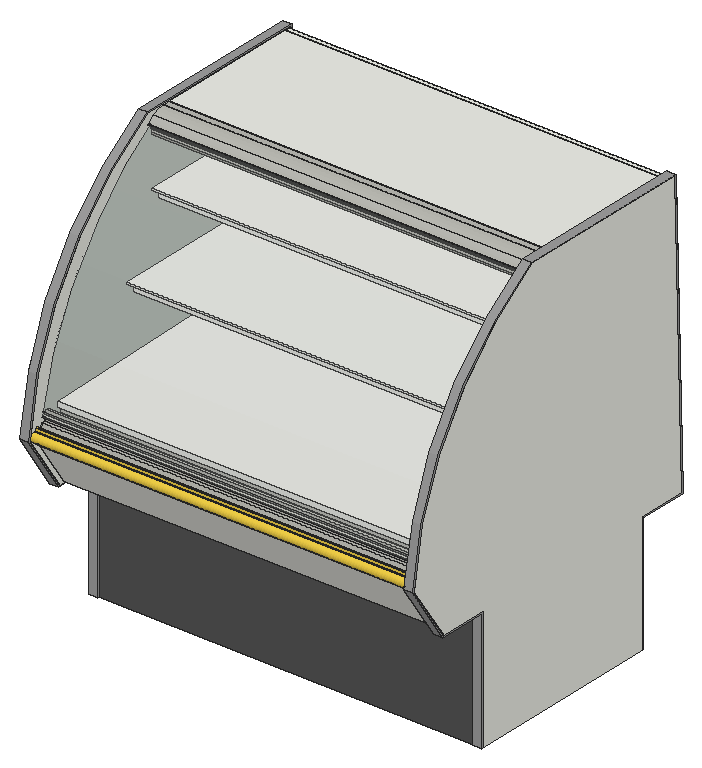
Revit family "Q3-BC", category Specialty Equipment, Revit 2014 (continued)
Automatic sketch dimensions
  plane 5 "Front" to Extrusion 9 sketch curve = 10.98875"
  plane 1 "Back" to Extrusion 9 sketch curve = 23.41317"
  plane 1 "Back" to Extrusion 9 sketch curve = 5 3/4"
  plane 1 "Back" to Extrusion 9 sketch curve = 0.59206"
  Extrusion 9 sketch curve to plane 1 "Back" = 0.549"
  Extrusion 10 sketch curve to level = 0"
  Extrusion 10 sketch curve to plane 11 = 10.04793"
  Extrusion 10 sketch curve to plane 11 = 9.73157"
  Extrusion 10 sketch curve to Extrusion 10 sketch curve = 4.09223"
  Extrusion 10 sketch curve to plane 5 "Front" = 0.07963"
  Extrusion 10 sketch curve to plane 11 = 2.63769"
  Extrusion 10 sketch curve to plane 3 "Top" = 0.08041"
  Extrusion 10 sketch curve to plane 3 "Top" = 0.08044"
  plane 5 "Front" to Extrusion 10 sketch curve = 4.67344"
  plane 5 "Front" to Extrusion 10 sketch curve = 10.98875"
  plane 1 "Back" to Extrusion 10 sketch curve = 23.41317"
  plane 1 "Back" to Extrusion 10 sketch curve = 5 3/4"
  plane 1 "Back" to Extrusion 10 sketch curve = 0.59206"
  Extrusion 10 sketch curve to plane 1 "Back" = 0.549"
  Extrusion 12 sketch curve to plane 11 = 0"
  Extrusion 12 sketch curve to plane 11 = 0.46864"
  plane 11 to Extrusion 12 sketch curve = 0.15652"
  Extrusion 12 sketch curve to Extrusion 12 sketch curve = 0.28947"
  plane 11 to Extrusion 12 sketch curve = 0.85702"
  Extrusion 12 sketch curve to Extrusion 12 sketch curve = 0.54536"
  Extrusion 12 sketch curve to Extrusion 12 sketch curve = 1.64071"
  plane 1 "Back" to Extrusion 12 sketch curve = 3.38429"
  Extrusion 12 sketch curve to Extrusion 12 sketch curve = 1.82332"
  Extrusion 12 sketch curve to Extrusion 12 sketch curve = 2.49168"
  plane 5 "Front" to Extrusion 12 sketch curve = 4.25561"
  Extrusion 15 sketch curve to Extrusion 15 sketch curve = 0"  (x2)
  Extrusion 15 sketch curve to level = 0"  (x2)
  Extrusion 15 sketch curve to plane 11 = 10.17293"
  Extrusion 15 sketch curve to plane 1 "Back" = 0.549"
  Extrusion 15 sketch curve to Extrusion 15 sketch curve = 1/8"  (x6)
  plane 5 "Front" to Extrusion 15 sketch curve = 4.60673"
  Extrusion 15 sketch curve to plane 11 = 9.85657"
  Extrusion 15 sketch curve to Extrusion 15 sketch curve = 4.09223"
  Extrusion 15 sketch curve to plane 5 "Front" = 0.208"
  Extrusion 15 sketch curve to plane 11 = 2.67065"
  Extrusion 15 sketch curve to plane 5 "Front" = 0.07963"
  Extrusion 15 sketch curve to Extrusion 15 sketch curve = 0.03296"
  Extrusion 15 sketch curve to plane 3 "Top" = 0.08041"
  Extrusion 15 sketch curve to plane 3 "Top" = 0.08044"
  Extrusion 15 sketch curve to Extrusion 15 sketch curve = 0.12893"
  plane 1 "Back" to Extrusion 15 sketch curve = 0.47087"
  Extrusion 15 sketch curve to Extrusion 15 sketch curve = 0.12119"
  plane 1 "Back" to Extrusion 15 sketch curve = 4.83282"
  plane 1 "Back" to Extrusion 15 sketch curve = 5 5/8"
  Extrusion 15 sketch curve to Extrusion 15 sketch curve = 6.38202"
  Extrusion 15 sketch curve to Extrusion 15 sketch curve = 0.06671"
  Extrusion 16 sketch curve to Extrusion 16 sketch curve = 0"  (x2)
  Extrusion 16 sketch curve to level = 0"  (x2)
  Extrusion 16 sketch curve to plane 11 = 10.17293"
  Extrusion 16 sketch curve to plane 1 "Back" = 0.549"
  Extrusion 16 sketch curve to Extrusion 16 sketch curve = 1/8"  (x6)
  plane 5 "Front" to Extrusion 16 sketch curve = 4.60673"
  Extrusion 16 sketch curve to plane 11 = 9.85657"
  Extrusion 16 sketch curve to Extrusion 16 sketch curve = 4.09223"
  Extrusion 16 sketch curve to plane 5 "Front" = 0.208"
  Extrusion 16 sketch curve to plane 11 = 2.67065"
  Extrusion 16 sketch curve to plane 5 "Front" = 0.07963"
  Extrusion 16 sketch curve to Extrusion 16 sketch curve = 0.03296"
  Extrusion 16 sketch curve to plane 3 "Top" = 0.08041"
  Extrusion 16 sketch curve to plane 3 "Top" = 0.08044"
  Extrusion 16 sketch curve to Extrusion 16 sketch curve = 0.12893"
  plane 1 "Back" to Extrusion 16 sketch curve = 0.47087"
  Extrusion 16 sketch curve to Extrusion 16 sketch curve = 0.12119"
  plane 1 "Back" to Extrusion 16 sketch curve = 4.83282"
  plane 1 "Back" to Extrusion 16 sketch curve = 5 5/8"
  Extrusion 16 sketch curve to Extrusion 16 sketch curve = 6.38202"
  Extrusion 16 sketch curve to Extrusion 16 sketch curve = 0.06671"
  Extrusion 17 sketch curve to plane 11 = 0"
  Extrusion 17 sketch curve to plane 10 = 0"
  Extrusion 17 sketch curve to plane 11 = 0.49937"
  Extrusion 17 sketch curve to Extrusion 17 sketch curve = 0.20679"
  Extrusion 17 sketch curve to Extrusion 17 sketch curve = 0.22549"
  Extrusion 17 sketch curve to Extrusion 17 sketch curve = 0.56567"
  Extrusion 17 sketch curve to plane 11 = 1.77183"
  Extrusion 17 sketch curve to Extrusion 17 sketch curve = 3.40576"
  Extrusion 17 sketch curve to Extrusion 17 sketch curve = 0.23514"
  Extrusion 17 sketch curve to Extrusion 17 sketch curve = 1.28472"
  Extrusion 17 sketch curve to Extrusion 17 sketch curve = 3.19268"
  Extrusion 17 sketch curve to plane 11 = 5.42262"
  plane 1 "Back" to Extrusion 17 sketch curve = 0.93761"
  Extrusion 17 sketch curve to Extrusion 17 sketch curve = 3.09096"
  Extrusion 17 sketch curve to Extrusion 17 sketch curve = 0.4684"
  plane 3 "Top" to Extrusion 17 sketch curve = 0.52447"
  plane 1 "Back" to Extrusion 17 sketch curve = 2.26937"
  plane 1 "Back" to Extrusion 17 sketch curve = 3.11159"
  Extrusion 17 sketch curve to Extrusion 17 sketch curve = 2.93824"
  Extrusion 17 sketch curve to Extrusion 17 sketch curve = 0.04"
  Extrusion 17 sketch curve to Extrusion 17 sketch curve = 1/8"  (x2)
  Extrusion 17 sketch curve to Extrusion 17 sketch curve = 16.87374"
  Extrusion 17 sketch curve to Extrusion 17 sketch curve = 0.5516"
  Extrusion 17 sketch curve to Extrusion 17 sketch curve = 1.15523"
  Extrusion 17 sketch curve to Extrusion 17 sketch curve = 14.9952"
  plane 5 "Front" to Extrusion 17 sketch curve = 4.19129"
  Extrusion 17 sketch curve to Extrusion 17 sketch curve = 0.38028"
  Extrusion 17 sketch curve to Extrusion 17 sketch curve = 0.051"
  Extrusion 17 sketch curve to Extrusion 17 sketch curve = 0.1"
  Extrusion 17 sketch curve to Extrusion 17 sketch curve = 0.49695"
  Extrusion 17 sketch curve to Extrusion 17 sketch curve = 0.18199"
  Extrusion 17 sketch curve to Extrusion 17 sketch curve = 0.11819"
  Extrusion 17 sketch curve to Extrusion 17 sketch curve = 0.00005"
  Extrusion 18 sketch curve to plane 11 = 0"
  Extrusion 18 sketch curve to plane 10 = 0"
  Extrusion 18 sketch curve to plane 11 = 0.49937"
  Extrusion 18 sketch curve to Extrusion 18 sketch curve = 0.20679"
  Extrusion 18 sketch curve to Extrusion 18 sketch curve = 0.22549"
  Extrusion 18 sketch curve to Extrusion 18 sketch curve = 0.56567"
  Extrusion 18 sketch curve to plane 11 = 1.77183"
  Extrusion 18 sketch curve to Extrusion 18 sketch curve = 3.40576"
  Extrusion 18 sketch curve to Extrusion 18 sketch curve = 0.23514"
  Extrusion 18 sketch curve to Extrusion 18 sketch curve = 1.28472"
  Extrusion 18 sketch curve to Extrusion 18 sketch curve = 3.19268"
  Extrusion 18 sketch curve to plane 11 = 5.42262"
  plane 1 "Back" to Extrusion 18 sketch curve = 0.93761"
  Extrusion 18 sketch curve to Extrusion 18 sketch curve = 3.09096"
  Extrusion 18 sketch curve to Extrusion 18 sketch curve = 0.4684"
  plane 3 "Top" to Extrusion 18 sketch curve = 0.52447"
  plane 1 "Back" to Extrusion 18 sketch curve = 2.26937"
  plane 1 "Back" to Extrusion 18 sketch curve = 3.11159"
  Extrusion 18 sketch curve to Extrusion 18 sketch curve = 2.93824"
  Extrusion 18 sketch curve to Extrusion 18 sketch curve = 0.04"
  Extrusion 18 sketch curve to Extrusion 18 sketch curve = 1/8"  (x2)
  Extrusion 18 sketch curve to Extrusion 18 sketch curve = 16.87374"
  Extrusion 18 sketch curve to Extrusion 18 sketch curve = 0.5516"
  Extrusion 18 sketch curve to Extrusion 18 sketch curve = 1.15523"
  Extrusion 18 sketch curve to Extrusion 18 sketch curve = 14.9952"
  plane 5 "Front" to Extrusion 18 sketch curve = 4.19129"
  Extrusion 18 sketch curve to Extrusion 18 sketch curve = 0.38028"
  Extrusion 18 sketch curve to Extrusion 18 sketch curve = 0.051"
  Extrusion 18 sketch curve to Extrusion 18 sketch curve = 0.1"
  Extrusion 18 sketch curve to Extrusion 18 sketch curve = 0.49695"
  Extrusion 18 sketch curve to Extrusion 18 sketch curve = 0.18199"
  Extrusion 18 sketch curve to Extrusion 18 sketch curve = 0.11819"
  Extrusion 18 sketch curve to Extrusion 18 sketch curve = 0.00005"
  Blend 47 sketch curve to Blend 47 sketch curve = 0.48582"  (x2)
  Blend 47 sketch curve to Blend 47 sketch curve = 1/32"  (x2)
  Extrusion 1 sketch curve to Extrusion 1 sketch curve = 0"  (x2)
  plane 6 "Center (Left/Right)" to Extrusion 1 sketch curve = 5"
  plane 5 "Front" to Extrusion 1 sketch curve = 17 1/8"
  Extrusion 2 sketch curve to Extrusion 2 sketch curve = 0"  (x2)
  Extrusion 2 sketch curve to plane 8 "Right" = 6 9/16"
  plane 5 "Front" to Extrusion 2 sketch curve = 14"
  radius of Extrusion 3 sketch curve = 3/16"
Nested families (in)
  nested 1: "Floor Support - Pegs" at (-76.05699, -18.4375, 0), type "Floor Support - Pegs"
  nested 2: "Floor Support - Pegs" at (-30.55699, -18.4375, 0), type "Floor Support - Pegs"
  nested 3: "Service Doors - 92deg - 72" at (-77.30699, -25.29918, 0), visible <- "12 Case", type "Service Doors - 92deg - 72", not visible
  nested 4: "Service Doors - 92deg - 72" at (-5.30699, -25.29918, 0), visible <- "12 Case", type "Service Doors - 92deg - 72", not visible
  nested 5: "Service Doors - 92deg - 60" at (-77.30699, 94.70082, 0), visible <- "10 Case", type "Service Doors - 92deg - 60", not visible
  nested 6: "Service Doors - 92deg - 60" at (-17.30699, 94.70082, 0), visible <- "10 Case", type "Service Doors - 92deg - 60", not visible
  nested 7: "Service Doors - 92deg - 48" at (-77.30699, 70.70082, 0), visible <- "8 Case", type "Service Doors - 92deg - 48", not visible
  nested 8: "Service Doors - 92deg - 48" at (-29.30699, 70.70082, 0), visible <- "8 Case", type "Service Doors - 92deg - 48", not visible
  nested 9: "Service Doors - 92deg - 72" at (-77.30699, 46.70082, 0), visible <- "6 Case", type "Service Doors - 92deg - 72", not visible
  nested 10: "Service Doors - 92deg - 60" at (-77.30699, 34.70082, 0), visible <- "5 Case", type "Service Doors - 92deg - 60", not visible
  nested 11: "Service Doors - 92deg - 48" at (-77.30699, 22.70082, 0), visible <- "4 Case", type "Service Doors - 92deg - 48", not visible
  nested 12: "Light" at (-53.30699, -24.14199, -36.68696), type "Light"
  nested 13: "Light" at (-53.30699, -12.57101, -20.05117), visible <- "Bottom Shelf", type "Light"
  nested 14: "Light" at (-53.30699, -8.26781, -11.05117), visible <- "Top Shelf", type "Light"
  nested 15: "Light" at (-53.30699, -3.96313, -2.20207), type "Light"
  nested 16: "Service Doors - 92deg - 48" at (-77.30699, -25.07843, 0.09367), visible <- "4 Case", type "Service Doors - 92deg - 48"
  nested 17: "Service Doors - 92deg - 60" at (-77.30699, -25.07843, 0.09367), visible <- "5 Case", type "Service Doors - 92deg - 60"
  nested 18: "Service Doors - 92deg - 72" at (-77.30699, -25.07843, 0.09367), visible <- "6 Case", type "Service Doors - 92deg - 72"
  nested 19: "Service Doors - 92deg - 48" at (-77.30699, -25.07843, 0.09367), visible <- "8 Case", type "Service Doors - 92deg - 48"
  nested 20: "Service Doors - 92deg - 48" at (-29.30699, -25.07843, 0.09367), visible <- "8 Case", type "Service Doors - 92deg - 48"
  nested 21: "Service Doors - 92deg - 60" at (-77.30699, -25.07843, 0.09367), visible <- "10 Case", type "Service Doors - 92deg - 60"
  nested 22: "Service Doors - 92deg - 60" at (-17.30699, -25.07843, 0.09367), visible <- "10 Case", type "Service Doors - 92deg - 60"
  nested 23: "Service Doors - 92deg - 72" at (-77.30699, -25.07843, 0.09367), visible <- "12 Case", type "Service Doors - 92deg - 72"
  nested 24: "Service Doors - 92deg - 72" at (-5.30699, -25.07843, 0.09367), visible <- "12 Case", type "Service Doors - 92deg - 72"
Connectors (in)
  piping at (-48.30699, -25.125, 0), diameter 1.5, driven by "Waste Drain"
    settings: on Extrusion 1, index 8, connector inside diameter 1 1/4", connector length 0", flow factor 0, pipe flow 0 GPM, pressure drop 0.00 psi, fitting loss kfactor 0, connector angle 0.00°, fixture units 0, engagement length 0", angle of deflection 0.00°, flow configuration 0, flow direction 0, fitting loss method 0, system type 16, joint type 0, gender type 0, connector reference index -1, connector utility 0, adjustable connector no, is connector primary yes, connector description "1 1/4\""
  piping at (-35.86949, -28.25, 0), diameter 0.625, driven by "Refrig. Suction", driven by "Refrigeration Lines Suction"
    settings: on Extrusion 2, index 9, connector inside diameter 7/8", connector length 0", flow factor 0, pipe flow 0 GPM, pressure drop 0.00 psi, fitting loss kfactor 0, connector angle 0.00°, fixture units 0, engagement length 0", angle of deflection 0.00°, flow configuration 0, flow direction 2, fitting loss method 0, system type 22, joint type 0, gender type 0, connector reference index -1, connector utility 0, adjustable connector no, is connector primary no, connector description "Suction"
  piping at (-35.24449, -28.25, 0), diameter 0.375, driven by "Refrig. Liquid", driven by "Refrigeration Lines Liquid"
    settings: on Extrusion 3, index 10, connector inside diameter 3/8", connector length 0", flow factor 0, pipe flow 0 GPM, pressure drop 0.00 psi, fitting loss kfactor 0, connector angle 0.00°, fixture units 0, engagement length 0", angle of deflection 0.00°, flow configuration 0, flow direction 1, fitting loss method 0, system type 22, joint type 0, gender type 0, connector reference index -1, connector utility 0, adjustable connector no, is connector primary no, connector description "Liquid"
Definition of nested family "Floor Support - Pegs"
  Parameters (values of type "Floor Support - Pegs")
    Height = 15 11/16"
    Depth = 21 7/8"
  Reference planes (in)
    plane 1 "Center (Front/Back)": y = -0.0625
    plane 2: z = 0
    plane 3 "Center (Left/Right)": x = 0
    plane 4: z = 15.6875
    plane 5: y = 10.9375
    plane 6: y = -10.9375
  Forms (in)
    Revolve 1, solid
      sketch origin (0, 0, 0) x (0, 1, 0) y (0, 0, 1)
        loop
          line (10.9375, 0) -> (11.5, 0) -> (11.5, 0.8125)
          arc (11.5, 0.8125) -> (11.67678, 0.88572) -> (11.75, 1.0625) r 0.25
          line (11.75, 1.0625) -> (11.75, 14.32348) -> (12.1875, 14.32348) -> (12.1875, 15.6875) -> (10.9375, 15.6875) -> (10.9375, 0)
        axis (10.9375, 0) -> (10.9375, 15.6875)
      angle from 0 to 360
    Revolve 2, solid
      sketch origin (0, 0, 0) x (0, 1, 0) y (0, 0, 1)
        loop
          line (-10.9375, 0) -> (-10.375, 0) -> (-10.375, 0.8125)
          arc (-10.375, 0.8125) -> (-10.19822, 0.88572) -> (-10.125, 1.0625) r 0.25
          line (-10.125, 1.0625) -> (-10.125, 14.32348) -> (-9.6875, 14.32348) -> (-9.6875, 15.6875) -> (-10.9375, 15.6875) -> (-10.9375, 0)
        axis (-10.9375, 0) -> (-10.9375, 15.6875)
      angle from 0 to 360
  Dimensions and locks (in)
    "Height": plane 4 to level
    locked: Revolve 2 sketch curve to Revolve 2 sketch curve at 0.25
    locked: Revolve 2 sketch curve to Revolve 2 sketch curve at 0.5625
    locked: Revolve 1 sketch curve to Revolve 1 sketch curve at 1.36402
    locked: Revolve 2 sketch curve to Revolve 2 sketch curve at 1.36402
    "Depth": plane 6 to plane 5
    aligned and locked: plane 2 to level
    aligned and locked: Revolve 1 sketch curve to Revolve 1 sketch curve
    aligned and locked: Revolve 2 sketch curve to Revolve 2 sketch curve
    aligned and locked: plane 6 to Revolve 2 sketch curve
  Automatic sketch dimensions
    Revolve 1 sketch curve to level = 0"  (x2)
    Revolve 1 sketch curve to plane 5 = 0"
    Revolve 1 sketch curve to plane 4 = 0"  (x2)
    Revolve 1 sketch curve to Revolve 1 sketch curve = 9/16"
    Revolve 1 sketch curve to Revolve 1 sketch curve = 1/4"
    Revolve 1 sketch curve to Revolve 1 sketch curve = 13/16"
    Revolve 1 sketch curve to Revolve 1 sketch curve = 7/16"
    Revolve 2 sketch curve to plane 4 = 0"  (x2)
    Revolve 2 sketch curve to level = 0"  (x2)
    Revolve 2 sketch curve to Revolve 2 sketch curve = 13/16"
    Revolve 2 sketch curve to Revolve 2 sketch curve = 7/16"
Definition of nested family "Service Doors - 92deg - 72"
  Parameters (values of type "Service Doors - 92deg - 72")
    Glazing = none
    Door Frame = none
  Reference planes (in)
    plane 1 "Center (Front/Back)": y = 25.29918
    plane 2: z = 0
    plane 3 "Center (Left/Right)": x = 0
  Forms (in)
    Sweep 1, solid, material <- "Door Frame"
      path in 3D
        loop
          line (72, 24.42109, 50.79188) -> (0, 24.42109, 50.79188) -> (0, 25.29918, 24.72713) -> (72, 25.29918, 24.72713) -> (72, 24.42109, 50.79188)
      profile origin (36, 24.42109, 50.79188) x (0, -0.999433, -0.03367) y (0, -0.03367, 0.999433)
        loop
          line (0.23363, 0) -> (0, 0) -> (0, -1.5) -> (2.24887, -1.5) -> (2.24887, -0.48582) -> (0.25, -0.48582) -> (0.23363, 0)
    Extrusion 2, solid, material <- "Door Frame"
      sketch origin (1.5, 22.224, 49.21702) x (0, 0.03367, -0.999433) y (0, 0.999433, 0.03367)
        loop
          line (0, 0.25) -> (23.07954, 0.25) -> (23.07954, 1.0625) -> (0, 1.0625) -> (0, 0.25)
      from 0 to 35
    Extrusion 3, solid, material <- "Door Frame"
      sketch origin (70.5, 23.00108, 26.15056) x (0, -0.03367, 0.999433) y (0, 0.999433, 0.03367)
        loop
          line (23.07954, 1.875) -> (0, 1.875) -> (0, 1.0625) -> (23.07954, 1.0625) -> (23.07954, 1.875)
      from 0 to 35
    Extrusion 4, void
      sketch origin (70.5, 24.04696, 50.79347) x (0, -0.03367, 0.999433) y (-1, 0, 0)
        loop
          line (-23.09373, 33.5) -> (-23.09373, 1.5) -> (-3.01418, 1.5) -> (-3.01418, 33.5) -> (-23.09373, 33.5)
      from 0 to 0.8125
    Extrusion 5, void
      sketch origin (1.5, 22.45655, 49.73933) x (0, -0.03367, 0.999433) y (1, 0, 0)
        loop
          line (-2.01418, 33.5) -> (-22.09373, 33.5) -> (-22.09373, 1.5) -> (-2.01418, 1.5) -> (-2.01418, 33.5)
      from 0 to 0.8125
    Extrusion 6, solid, material <- "Glazing"
      sketch origin (37, 24.87502, 26.21369) x (0, -0.03367, 0.999433) y (0, -0.999433, -0.03367)
        loop
          line (1.5, 0.1875) -> (21.57954, 0.1875) -> (21.57954, 0.625) -> (1.5, 0.625) -> (1.5, 0.1875)
      from 0 to 32
    Extrusion 7, solid, material <- "Glazing"
      sketch origin (35, 22.47386, 49.22543) x (0, 0.03367, -0.999433) y (0, -0.999433, -0.03367)
        loop
          line (1.5, -0.625) -> (21.57954, -0.625) -> (21.57954, -0.1875) -> (1.5, -0.1875) -> (1.5, -0.625)
      from 0 to 32
  Cuts and joins
    Extrusion 4 cuts Extrusion 3
    Extrusion 5 cuts Extrusion 2
  Lines and regions (in)
    sketch lines
      curve 1: line (72, 25.29918, 24.72713) -> (72, 24.42109, 50.79188)
      curve 2: line (0, 24.42109, 50.79188) -> (0, 25.29918, 24.72713)
      curve 3: line (72, 24.42109, 50.79188) -> (0, 24.42109, 50.79188)
      curve 4: line (72, 25.29918, 24.72713) -> (0, 25.29918, 24.72713)
  Dimensions and locks (in)
    Extrusion 2 to Extrusion 3 = 69"
    plane 3 "Center (Left/Right)" to Sweep 1 = 72"
    Sweep 1 to Sweep 1 = 1 1/2"
    locked: cut or joined group of Extrusion 3, Extrusion 4 to Extrusion 4 sketch curve at 1.5
    locked: Extrusion 5 sketch curve to cut or joined group of Extrusion 2, Extrusion 5 at 1.5
    aligned and locked: plane 2 to level
    aligned and locked: Extrusion 3 to Sweep 1  (x3)
    aligned and locked: Extrusion 2 to Sweep 1  (x3)
    aligned and locked: cut or joined group of Extrusion 3, Extrusion 4 to Extrusion 6  (x2)
    aligned and locked: cut or joined group of Extrusion 2, Extrusion 5 to Extrusion 7  (x3)
    aligned and locked: plane 1 "Center (Front/Back)" to Sweep 1
Definition of nested family "Service Doors - 92deg - 60"
  Parameters (values of type "Service Doors - 92deg - 60")
    Glazing = none
    Door Frame = none
  Reference planes (in)
    plane 1 "Center (Front/Back)": y = 25.29918
    plane 2: z = 0
    plane 3 "Center (Left/Right)": x = 0
  Forms (in)
    Sweep 1, solid, material <- "Door Frame"
      path in 3D
        loop
          line (60, 24.42109, 50.79188) -> (0, 24.42109, 50.79188) -> (0, 25.29918, 24.72713) -> (60, 25.29918, 24.72713) -> (60, 24.42109, 50.79188)
      profile origin (30, 24.42109, 50.79188) x (0, -0.999433, -0.03367) y (0, -0.03367, 0.999433)
        loop
          line (0.23363, 0) -> (0, 0) -> (0, -1.5) -> (2.24887, -1.5) -> (2.24887, -0.48582) -> (0.25, -0.48582) -> (0.23363, 0)
    Extrusion 2, solid, material <- "Door Frame"
      sketch origin (1.5, 22.224, 49.21702) x (0, 0.03367, -0.999433) y (0, 0.999433, 0.03367)
        loop
          line (0, 0.25) -> (23.07954, 0.25) -> (23.07954, 1.0625) -> (0, 1.0625) -> (0, 0.25)
      from 0 to 29
    Extrusion 3, solid, material <- "Door Frame"
      sketch origin (58.5, 23.00108, 26.15056) x (0, -0.03367, 0.999433) y (0, 0.999433, 0.03367)
        loop
          line (23.07954, 1.875) -> (0, 1.875) -> (0, 1.0625) -> (23.07954, 1.0625) -> (23.07954, 1.875)
      from 0 to 29
    Extrusion 4, void
      sketch origin (58.5, 24.04696, 50.79347) x (0, -0.03367, 0.999433) y (-1, 0, 0)
        loop
          line (-23.09373, 27.5) -> (-23.09373, 1.5) -> (-3.01418, 1.5) -> (-3.01418, 27.5) -> (-23.09373, 27.5)
      from 0 to 0.8125
    Extrusion 5, void
      sketch origin (1.5, 22.45655, 49.73933) x (0, -0.03367, 0.999433) y (1, 0, 0)
        loop
          line (-2.01418, 27.5) -> (-22.09373, 27.5) -> (-22.09373, 1.5) -> (-2.01418, 1.5) -> (-2.01418, 27.5)
      from 0 to 0.8125
    Extrusion 6, solid, material <- "Glazing"
      sketch origin (31, 24.87502, 26.21369) x (0, -0.03367, 0.999433) y (0, -0.999433, -0.03367)
        loop
          line (1.5, 0.1875) -> (21.57954, 0.1875) -> (21.57954, 0.625) -> (1.5, 0.625) -> (1.5, 0.1875)
      from 0 to 26
    Extrusion 7, solid, material <- "Glazing"
      sketch origin (29, 22.47386, 49.22543) x (0, 0.03367, -0.999433) y (0, -0.999433, -0.03367)
        loop
          line (1.5, -0.625) -> (21.57954, -0.625) -> (21.57954, -0.1875) -> (1.5, -0.1875) -> (1.5, -0.625)
      from 0 to 26
  Cuts and joins
    Extrusion 4 cuts Extrusion 3
    Extrusion 5 cuts Extrusion 2
  Lines and regions (in)
    sketch lines
      curve 1: line (60, 25.29918, 24.72713) -> (60, 24.42109, 50.79188)
      curve 2: line (0, 24.42109, 50.79188) -> (0, 25.29918, 24.72713)
      curve 3: line (60, 24.42109, 50.79188) -> (0, 24.42109, 50.79188)
      curve 4: line (60, 25.29918, 24.72713) -> (0, 25.29918, 24.72713)
  Dimensions and locks (in)
    Extrusion 2 to Extrusion 3 = 57"
    plane 3 "Center (Left/Right)" to Sweep 1 = 60"
    Sweep 1 to Sweep 1 = 1 1/2"
    locked: cut or joined group of Extrusion 3, Extrusion 4 to Extrusion 4 sketch curve at 1.5
    locked: Extrusion 5 sketch curve to cut or joined group of Extrusion 2, Extrusion 5 at 1.5
    aligned and locked: plane 2 to level
    aligned and locked: Extrusion 3 to Sweep 1  (x3)
    aligned and locked: Extrusion 2 to Sweep 1  (x3)
    aligned and locked: cut or joined group of Extrusion 3, Extrusion 4 to Extrusion 6  (x2)
    aligned and locked: cut or joined group of Extrusion 2, Extrusion 5 to Extrusion 7  (x3)
    aligned and locked: plane 1 "Center (Front/Back)" to Sweep 1
Definition of nested family "Service Doors - 92deg - 48"
  Parameters (values of type "Service Doors - 92deg - 48")
    Glazing = none
    Door Frame = none
  Reference planes (in)
    plane 1 "Center (Front/Back)": y = 25.29918
    plane 2: z = 0
    plane 3 "Center (Left/Right)": x = 0
  Forms (in)
    Sweep 1, solid, material <- "Door Frame"
      path in 3D
        loop
          line (48, 24.42109, 50.79188) -> (0, 24.42109, 50.79188) -> (0, 25.29918, 24.72713) -> (48, 25.29918, 24.72713) -> (48, 24.42109, 50.79188)
      profile origin (24, 24.42109, 50.79188) x (0, -0.999433, -0.03367) y (0, -0.03367, 0.999433)
        loop
          line (0.23363, 0) -> (0, 0) -> (0, -1.5) -> (2.24887, -1.5) -> (2.24887, -0.48582) -> (0.25, -0.48582) -> (0.23363, 0)
    Extrusion 2, solid, material <- "Door Frame"
      sketch origin (1.5, 22.224, 49.21702) x (0, 0.03367, -0.999433) y (0, 0.999433, 0.03367)
        loop
          line (0, 0.25) -> (23.07954, 0.25) -> (23.07954, 1.0625) -> (0, 1.0625) -> (0, 0.25)
      from 0 to 23
    Extrusion 3, solid, material <- "Door Frame"
      sketch origin (46.5, 23.00108, 26.15056) x (0, -0.03367, 0.999433) y (0, 0.999433, 0.03367)
        loop
          line (23.07954, 1.875) -> (0, 1.875) -> (0, 1.0625) -> (23.07954, 1.0625) -> (23.07954, 1.875)
      from 0 to 23
    Extrusion 4, void
      sketch origin (46.5, 24.04696, 50.79347) x (0, -0.03367, 0.999433) y (-1, 0, 0)
        loop
          line (-23.09373, 21.5) -> (-23.09373, 1.5) -> (-3.01418, 1.5) -> (-3.01418, 21.5) -> (-23.09373, 21.5)
      from 0 to 0.8125
    Extrusion 5, void
      sketch origin (1.5, 22.45655, 49.73933) x (0, -0.03367, 0.999433) y (1, 0, 0)
        loop
          line (-2.01418, 21.5) -> (-22.09373, 21.5) -> (-22.09373, 1.5) -> (-2.01418, 1.5) -> (-2.01418, 21.5)
      from 0 to 0.8125
    Extrusion 6, solid, material <- "Glazing"
      sketch origin (25, 24.87502, 26.21369) x (0, -0.03367, 0.999433) y (0, -0.999433, -0.03367)
        loop
          line (1.5, 0.1875) -> (21.57954, 0.1875) -> (21.57954, 0.625) -> (1.5, 0.625) -> (1.5, 0.1875)
      from 0 to 20
    Extrusion 7, solid, material <- "Glazing"
      sketch origin (23, 22.47386, 49.22543) x (0, 0.03367, -0.999433) y (0, -0.999433, -0.03367)
        loop
          line (1.5, -0.625) -> (21.57954, -0.625) -> (21.57954, -0.1875) -> (1.5, -0.1875) -> (1.5, -0.625)
      from 0 to 20
  Cuts and joins
    Extrusion 4 cuts Extrusion 3
    Extrusion 5 cuts Extrusion 2
  Lines and regions (in)
    sketch lines
      curve 1: line (48, 25.29918, 24.72713) -> (48, 24.42109, 50.79188)
      curve 2: line (0, 24.42109, 50.79188) -> (0, 25.29918, 24.72713)
      curve 3: line (48, 24.42109, 50.79188) -> (0, 24.42109, 50.79188)
      curve 4: line (48, 25.29918, 24.72713) -> (0, 25.29918, 24.72713)
  Dimensions and locks (in)
    Extrusion 2 to Extrusion 3 = 45"
    plane 3 "Center (Left/Right)" to Sweep 1 = 48"
    Sweep 1 to Sweep 1 = 1 1/2"
    aligned and locked: plane 2 to level
    aligned and locked: Extrusion 3 to Sweep 1  (x3)
    aligned and locked: Extrusion 2 to Sweep 1  (x3)
    aligned and locked: cut or joined group of Extrusion 3, Extrusion 4 to Extrusion 6  (x2)
    aligned and locked: cut or joined group of Extrusion 2, Extrusion 5 to Extrusion 7  (x3)
    aligned and locked: plane 1 "Center (Front/Back)" to Sweep 1
Definition of nested family "Light"
  Parameters (values of type "Light")
    Wattage = 16.1571 W
    built-in parameter 1150110 = 1 (stored number, unit not read)
    built-in parameter 1114217 = 1 (stored number, unit not read)
    built-in parameter 1150109 = 1 (stored number, unit not read)
    built-in parameter 1150134 = (empty or 0)
    built-in parameter 1150113 = 1 (stored number, unit not read)
    Lumens = 2400 lm
    built-in parameter 1150115 = 1 (stored number, unit not read)
    built-in parameter 1150105 = 763.94 (stored number, unit not read)
    Light Source Symbol Size = 24"
    built-in parameter 1150137 = (empty or 0)
    built-in parameter 1150139 = (empty or 0)
    Lense = none
    Length = 144 1/2"
    built-in parameter 1150112 = 1 (stored number, unit not read)
    built-in parameter 1150114 = 1 (stored number, unit not read)
    built-in parameter 1150132 = 2
    built-in parameter 1150102 = (empty or 0)
    built-in parameter 1150138 = (empty or 0)
    built-in parameter 1150107 = 6100 (stored number, unit not read)
    built-in parameter 1150106 = 7.6394 (stored number, unit not read)
    Emit from Line Length = Length  # 144 1/2"
    built-in parameter 1150104 = 13.8 (stored number, unit not read)
    Dimming Lamp Color Temperature Shift = (empty or 0)
    Color Filter = 16777215
    Casing = none
    built-in parameter 1114218 = 1 (stored number, unit not read)
    built-in parameter 1150133 = 10 (stored number, unit not read)
  Reference planes (in)
    plane 1 "Light Source Axis (F/B)": y = -8.60801
    plane 2: z = 0
    plane 3 "Light Source Axis (L/R)": x = 0
    plane 4 "Light Source Elevation": z = 52.5
    plane 5: z = 0
    plane 6 "Left": x = -72.25
    plane 7 "Right": x = 72.25
  Lines and regions (in)
    model lines
      curve 1: line (-72.25, -8.60801, 52.5) -> (72.25, -8.60801, 52.5)
  Dimensions and locks (in)
    equal spacing: plane 7 "Right", plane 3 "Light Source Axis (L/R)", plane 6 "Left"
    "Length": plane 7 "Right" to plane 6 "Left"
    aligned and locked: plane 3 "Light Source Axis (L/R)" to imposter light
    aligned and locked: plane 1 "Light Source Axis (F/B)" to imposter light
    aligned and locked: plane 4 "Light Source Elevation" to imposter light
    aligned and locked: level to plane 5
  Automatic sketch dimensions
    plane 1 "Light Source Axis (F/B)" to curve 1 = 0"
    curve 1 to plane 6 "Left" = 0"
    curve 1 to plane 7 "Right" = 0"
Types (6): name | Width | Number of Supports | 8 Case | 6 Case | 5 Case | 4 Case | 12 Case | 10 Case
  10' Length | 120" | 3 | no | no | no | no | no | yes
  12' Length | 144" | 4 | no | no | no | no | yes | no
  8' Length | 96" | 3 | yes | no | no | no | no | no
  6' Length | 72" | 2 | no | yes | no | no | no | no
  4' Length | 48" | 2 | no | no | no | yes | no | no
  5' Length | 60" | 2 | no | no | yes | no | no | no
